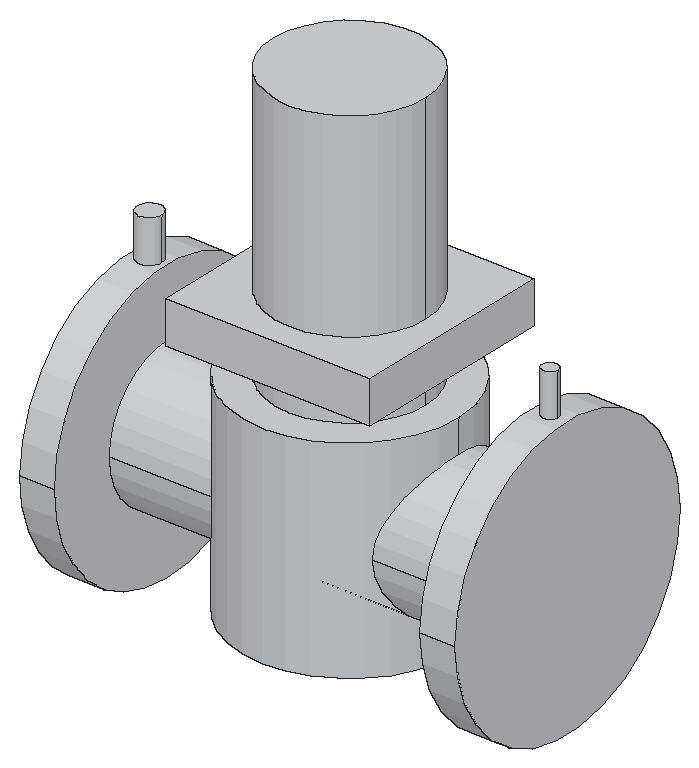
Revit family "PV_Compact_PN16_DN080_(20-100kPa)_RFA_2018", category Pipe Accessories, Revit 2018
Family settings
  Round Connector Dimension = Use Diameter
  Part Type = Valve - Breaks Into
  Work Plane-Based = No
  Always vertical = Yes
  Cut with Voids When Loaded = No
  Shared = No
Parameters (values of type "PV Compact PN16 DN080 (20-100kPa)")
  magiProductId = "fe1ae4728650433e927a6ac465ecb1"
  magiProductFamilyId = "23d1f353e6b1477a88f64fef0dfa1d"
  magiPartTypeId = 304
  isMeasuringValve [instance] = no
  ang2D [instance] = 0.00°
  W2D = 50 mm
  VersionID = "2.0/2018.12.13.2/FRESE_PV_COMPACT_BIG_Q13_001"
  Use Minimum Symbol Size [instance] = no
  URL = "www.hydronic.cz"
  Type Comments = "PŘÍRUBOVÝ; PN16; dpmax=1000kPa; -10~+120°C"
  R4 = 54.25 mm
  R3 = 52 mm
  R1 = 77.5 mm
  QmdConnectorList = "301;D;302;D"
  Productdata [instance] = ""
  Manufacturer = "Hydronic Systems Prague s.r.o."
  Maintenance Zone Under Depth [instance] = 100 mm
  Maintenance Zone Right Depth [instance] = 100 mm
  Maintenance Zone Over Depth [instance] = 100 mm
  Maintenance Zone Left Depth [instance] = 100 mm
  Maintenance Zone Front Depth [instance] = 100 mm
  Maintenance Zone Back Depth [instance] = 100 mm
  Maintenance Zone Front Visibility [instance] = no
  MC Use Limits From Balancing Method = no
  MC Throttling Minimum Value = 0
  MC Throttling Maximum Value = 0
  MC Product Code = "53-3306 DN80 PN16; nastavitelný rozsah dp=20~100kPa; Q=7,5~30 m3/h;  kvs=67"
  MC Pressure Drop Minimum Value = 0.0 Pa
  MC Pressure Drop Maximum Value = 0.0 Pa
  MC Piping Given Pressure Drop [instance] = 0.0 Pa
  LF__ve = -LF  # -24.8 mm
  LF2 = 12.4 mm
  LF = 24.8 mm
  L4 = 145.7 mm
  L3 = 260.4 mm
  L2D_Min = 30.48 mm
  L2D = 230 mm
  L2 = 155 mm
  H6 = 141 mm
  H4 = 30 mm
  H3 = 25 mm
  H2 = 75 mm
  H1 = 150 mm
  Description = "Nastavitelný regulátor tlakové diference"
  DF2 = 100 mm
  D = 80 mm
  Clearance Zone Height Depth [instance] = 100 mm
  Clearance Zone Circular Radius [instance] = 155 mm
  Clearance Zone Visibility [instance] = no
  CAT0 = yes
Types (7, lengths in mm): name | magiProductId | Type Comments | R4 | R3 | R1 | MC Product Code | LF__ve | LF2 | LF | L4 | L3 | L2 | H6 | H4 | H3 | H2 | H1 | DF2 | D | Clearance Zone Circular Radius
  PV Compact PN16 DN050 (20-100kPa) | "00877ad72a9f485bb97ca64af9b4c2" | "PŘÍRUBOVÝ; PN16; dpmax=1000kPa; -10~+120°C" | 40.25 | 42.9 | 57.5 | "53-3300 DN50 PN16; nastavitelný rozsah dp=20~100kPa; Q=3,2~13 m3/h;  kvs=29" | -18.4 | 9.2 | 18.4 | 108.1 | 193.2 | 115 | 82.25 | 24.75 | 20.625 | 61.875 | 123.75 | 82.5 | 50 | 115
  PV Compact PN16 DN065 (20-100kPa) | "4caf92840fdb43d88ad3b460526bbd" | "PŘÍRUBOVÝ; PN16; dpmax=1000kPa; -10~+120°C" | 50.75 | 48.1 | 72.5 | "53-3303 DN65 PN16; nastavitelný rozsah dp=20~100kPa; Q=4,7~18,8 m3/h;  kvs=42" | -23.2 | 11.6 | 23.2 | 136.3 | 243.6 | 145 | 105.25 | 27.75 | 23.125 | 69.375 | 138.75 | 92.5 | 65 | 145
  PV Compact PN16 DN080 (20-100kPa) | "fe1ae4728650433e927a6ac465ecb1" | "PŘÍRUBOVÝ; PN16; dpmax=1000kPa; -10~+120°C" | 54.25 | 52 | 77.5 | "53-3306 DN80 PN16; nastavitelný rozsah dp=20~100kPa; Q=7,5~30 m3/h;  kvs=67" | -24.8 | 12.4 | 24.8 | 145.7 | 260.4 | 155 | 141 | 30 | 25 | 75 | 150 | 100 | 80 | 155
  PV Compact PN16 DN100 (20-100kPa) | "9ee8abb4b353443d9e820e5bd3bf33" | "PŘÍRUBOVÝ; PN16; dpmax=1000kPa; -10~+120°C" | 61.25 | 61.1 | 87.5 | "53-3309 DN100 PN16; nastavitelný rozsah dp=20~100kPa; Q=12,9~51,4 m3/h;  kvs=115" | -28 | 14 | 28 | 164.5 | 294 | 175 | 234.75 | 35.25 | 29.375 | 88.125 | 176.25 | 117.5 | 100 | 175
  PV Compact PN16 DN125 (20-100kPa) | "e22e3bcdfcda477085ce507150ab41" | "PŘÍRUBOVÝ; PN16; dpmax=1000kPa; -10~+120°C" | 70 | 70.2 | 100 | "53-3312 DN125 PN16; nastavitelný rozsah dp=20~100kPa; Q=19,0~76,0 m3/h;  kvs=170" | -32 | 16 | 32 | 188 | 336 | 200 | 225.5 | 40.5 | 33.75 | 101.25 | 202.5 | 135 | 125 | 200
  PV Compact PN16 DN150 (20-100kPa) | "c042f62d475c462ea84624600fc620" | "PŘÍRUBOVÝ; PN16; dpmax=1000kPa; -10~+120°C" | 84 | 74.1 | 120 | "53-3315 DN150 PN16; nastavitelný rozsah dp=20~100kPa; Q=28,0~112 m3/h;  kvs=250" | -38.4 | 19.2 | 38.4 | 225.6 | 403.2 | 240 | 256.25 | 42.75 | 35.625 | 106.875 | 213.75 | 142.5 | 150 | 240
  PV Compact PN16 DN200 (20-100kPa) | "073b87d1a570497386745af6d59d88" | "PŘÍRUBOVÝ; PN16; dpmax=1000kPa; -10~+110°C" | 105 | 98.8 | 150 | "53-3318 DN200 PN16; nastavitelný rozsah dp=20~100kPa; Q=30,7~123 m3/h;  kvs=275" | -48 | 24 | 48 | 282 | 504 | 300 | 150 | 57 | 47.5 | 142.5 | 285 | 190 | 200 | 300
Reference planes
  plane 1 "Center (Front/Back)": y = 0
  plane 2 "XYPLANE": z = 0
  plane 3 "Center (Left/Right)": x = 0
  plane 4 "257": y = -100
  plane 5 "256": y = 100
  plane 6 "255": z = -100
  plane 7 "254": y = -200
  plane 8 "253": y = 200
  plane 9 "252": x = -255
  plane 10 "251": x = 255
  plane 11 "250": z = 371
  plane 12 "249": z = -200
  plane 13 "248": z = 371
  plane 14 "247": z = 271
  plane 15 "157": x = 142.6
  plane 16 "156": x = -142.6
  plane 17 "155": z = 100
  plane 18 "154": z = 130
  plane 19 "153": z = 100
  plane 20 "152": z = 75
  plane 21 "151": x = -130.2
  plane 22 "150": z = -75
  plane 23 "149": x = 0
  plane 24 "148": y = 0
  plane 25 "147": z = 0
  plane 26 "146": x = -155
  plane 27 "145": x = 155
Forms (mm)
  Blend 1, solid, visible <- "Maintenance Zone Front Visibility"
    base sketch origin (-750, 0, -200) x (1, 0, 0) y (0, 1, 0)
      loop
        line (495, 200) -> (495, -200) -> (1005, -200) -> (1005, 200) -> (495, 200)
    top sketch origin (-750, 0, -200) x (1, 0, 0) y (0, 1, 0)
      loop
        line (495, 200) -> (495, -200) -> (1005, -200) -> (1005, 200) -> (495, 200)
    from 0 to 571
  Blend 2, solid, visible <- "Clearance Zone Visibility"
    base sketch origin (-750, 0, 0) x (1, 0, 0) y (0, 1, 0)
      loop
        circle (750, 0) r 155
    top sketch origin (-750, 0, 0) x (1, 0, 0) y (0, 1, 0)
      loop
        circle (750, 0) r 155
    from 0 to 371
  Extrusion 3, solid, visible <- "CAT0"
    sketch origin (-750, 0, 100) x (1, 0, 0) y (0, 1, 0)
      loop
        circle (892.6, 0) r 5.5
    from 0 to 30
  Extrusion 4, solid, visible <- "CAT0"
    sketch origin (-750, 0, 100) x (1, 0, 0) y (0, 1, 0)
      loop
        circle (607.4, 0) r 8.7
    from 0 to 30
  Extrusion 5, solid
    sketch origin (-750, 0, 130) x (1, 0, 0) y (0, 1, 0)
      loop
        circle (750, 0) r 54.25
    from 0 to 141 <- "H6"
  Extrusion 6, solid, visible <- "CAT0"
    sketch origin (-750, 0, 100) x (1, 0, 0) y (0, 1, 0)
      loop
        line (822.85, 72.85) -> (677.15, 72.85) -> (677.15, -72.85) -> (822.85, -72.85) -> (822.85, 72.85)
    from 0 to 30 <- "H4"
  Extrusion 7, solid, visible <- "CAT0"
    sketch origin (-750, 0, 75) x (1, 0, 0) y (0, 1, 0)
      loop
        circle (750, 0) r 54.25
    from 0 to 25 <- "H3"
  Extrusion 8, solid, visible <- "CAT0"
    sketch origin (-130.2, -750, 0) x (0, 1, 0) y (0, 0, 1)
      loop
        circle (750, 0) r 52
    from 0 to 260.4 <- "L3"
  Extrusion 9, solid, visible <- "CAT0"
    sketch origin (-750, 0, -75) x (1, 0, 0) y (0, 1, 0)
      loop
        circle (750, 0) r 77.5
    from 0 to 150 <- "H1"
  Extrusion 10, solid, visible <- "CAT0"
    sketch origin (-155, -750, 0) x (0, 1, 0) y (0, 0, 1)
      loop
        circle (750, 0) r 100
    from 0 to 24.8 <- "LF"
  Extrusion 11, solid, visible <- "CAT0"
    sketch origin (155, -750, 0) x (0, 1, 0) y (0, 0, 1)
      loop
        circle (750, 0) r 100
    from 0 to -24.8 <- "LF__ve"
  Extrusion 12, solid, not visible
    sketch origin (-155, -750, 0) x (0, 1, 0) y (0, 0, 1)
      loop
        circle (750, 0) r 10
    from 0 to 10
  Extrusion 13, solid, not visible
    sketch origin (155, -750, 0) x (0, 1, 0) y (0, 0, 1)
      loop
        circle (750, 0) r 10
    from 0 to -10
Lines and regions (mm)
  reference lines, not visible
    curve 1: circle (2, 2, 0) r 1 normal (0, 0, 1)
  reference lines
    curve 2: circle (0, 0, 100) r 1 normal (0, 0, 1)
Dimensions and locks
  plane 1 "Center (Front/Back)" to curve 1 = 2 mm
  "DF2": plane 24 "148" to plane 4 "257"
  "DF2": plane 24 "148" to plane 5 "256"
  "DF2": plane 25 "147" to plane 6 "255"
  "Maintenance Zone Front Depth": plane 4 "257" to plane 7 "254"
  "Maintenance Zone Back Depth": plane 5 "256" to plane 8 "253"
  "Maintenance Zone Left Depth": plane 26 "146" to plane 9 "252"
  "Maintenance Zone Right Depth": plane 27 "145" to plane 10 "251"
  "Maintenance Zone Over Depth": plane 14 "247" to plane 11 "250"
  "Maintenance Zone Under Depth": plane 6 "255" to plane 12 "249"
  "Clearance Zone Height Depth": plane 14 "247" to plane 13 "248"
  "H6": plane 18 "154" to plane 14 "247"
  "LF2": plane 27 "145" to plane 15 "157"
  "LF2": plane 26 "146" to plane 16 "156"
  "DF2": plane 2 "XYPLANE" to plane 17 "155"
  "H4": plane 19 "153" to plane 18 "154"
  "H3": plane 20 "152" to plane 19 "153"
  "H1": plane 22 "150" to plane 20 "152"
  "LF": plane 26 "146" to plane 21 "151"
  "H2": plane 2 "XYPLANE" to plane 22 "150"
  locked: plane 3 "Center (Left/Right)" to plane 23 "149"
  locked: plane 1 "Center (Front/Back)" to plane 24 "148"
  locked: plane 2 "XYPLANE" to plane 25 "147"
  "L2": plane 3 "Center (Left/Right)" to plane 26 "146"
  "L2": plane 3 "Center (Left/Right)" to plane 27 "145"
  Blend 1 sketch curve to Blend 1 sketch curve = 0 mm  (x16)
  equal spacing: Extrusion 6 sketch curve, curve 2, Extrusion 6 sketch curve  (x2)
  "L4": Extrusion 6 sketch curve to Extrusion 6 sketch curve  (x2)
  Extrusion 6 sketch curve to Extrusion 6 sketch curve = 0 mm  (x8)
  "Clearance Zone Circular Radius": radius of Blend 2 sketch curve  (x2)
  "R4": radius of Extrusion 5 sketch curve
  "R4": radius of Extrusion 7 sketch curve
  "R3": radius of Extrusion 8 sketch curve
  "R1": radius of Extrusion 9 sketch curve
  "DF2": radius of Extrusion 10 sketch curve
  "DF2": radius of Extrusion 11 sketch curve
  aligned and locked: level to plane 2 "XYPLANE"
  aligned and locked: Blend 1 sketch curve to plane 8 "253"  (x2)
  aligned and locked: plane 9 "252" to Blend 1 sketch curve  (x4)
  aligned and locked: plane 10 "251" to Blend 1 sketch curve  (x4)
  aligned and locked: plane 8 "253" to Blend 1 sketch curve  (x2)
  aligned and locked: plane 7 "254" to Blend 1 sketch curve  (x4)
  aligned and locked: plane 11 "250" to Blend 1
  aligned and locked: plane 23 "149" to Blend 2 sketch curve  (x2)
  aligned and locked: plane 24 "148" to Blend 2 sketch curve  (x2)
  aligned and locked: plane 13 "248" to Blend 2
  aligned and locked: plane 15 "157" to Extrusion 3 sketch curve
  aligned and locked: plane 24 "148" to Extrusion 3 sketch curve
  aligned and locked: plane 16 "156" to Extrusion 4 sketch curve
  aligned and locked: plane 24 "148" to Extrusion 4 sketch curve
  aligned and locked: plane 23 "149" to Extrusion 5 sketch curve
  aligned and locked: plane 24 "148" to Extrusion 5 sketch curve
  aligned and locked: plane 23 "149" to curve 2
  aligned and locked: plane 24 "148" to curve 2
  aligned and locked: plane 23 "149" to Extrusion 7 sketch curve
  aligned and locked: plane 24 "148" to Extrusion 7 sketch curve
  aligned and locked: Extrusion 8 sketch curve to plane 24 "148"
  aligned and locked: plane 25 "147" to Extrusion 8 sketch curve
  aligned and locked: plane 23 "149" to Extrusion 9 sketch curve
  aligned and locked: plane 24 "148" to Extrusion 9 sketch curve
  aligned and locked: Extrusion 10 sketch curve to plane 24 "148"
  aligned and locked: plane 25 "147" to Extrusion 10 sketch curve
  aligned and locked: Extrusion 11 sketch curve to plane 24 "148"
  aligned and locked: plane 25 "147" to Extrusion 11 sketch curve
  aligned and locked: Extrusion 12 sketch curve to plane 24 "148"
  aligned and locked: plane 25 "147" to Extrusion 12 sketch curve
  aligned and locked: Extrusion 13 sketch curve to plane 24 "148"
  aligned and locked: plane 25 "147" to Extrusion 13 sketch curve
Automatic sketch dimensions
  Extrusion 3 sketch curve to plane 15 "157" = 5.5 mm
  plane 26 "146" to Extrusion 4 sketch curve = 3.7 mm
  plane 1 "Center (Front/Back)" to Extrusion 12 sketch curve = 10 mm
  plane 1 "Center (Front/Back)" to Extrusion 13 sketch curve = 10 mm
  plane 3 "Center (Left/Right)" to curve 1 = 2 mm
  Extrusion 6 sketch curve to plane 5 "256" = 27.15 mm
  plane 21 "151" to Extrusion 6 sketch curve = 57.35 mm
  radius of curve 2 = 1 mm
  radius of curve 1 = 1 mm
Connectors
  piping at (-155, 0, 0), diameter 80, driven by "D"
    settings: on Extrusion 12, index 1, connector inside diameter 609.6 mm, connector length 0 mm, flow factor 0, pipe flow 0.0 L/s, pressure drop 0.0 Pa, fitting loss kfactor 0, connector angle 0.00°, fixture units 0, engagement length 0 mm, angle of deflection 0.00°, flow configuration 0, flow direction 0, fitting loss method 0, system type 29, joint type 0, gender type 0, connector reference index 2, connector utility 0, adjustable connector no, is connector primary yes, connector description ""
  piping at (155, 0, 0), diameter 80, driven by "D"
    settings: on Extrusion 13, index 2, connector inside diameter 609.6 mm, connector length 0 mm, flow factor 0, pipe flow 0.0 L/s, pressure drop 0.0 Pa, fitting loss kfactor 0, connector angle 0.00°, fixture units 0, engagement length 0 mm, angle of deflection 0.00°, flow configuration 0, flow direction 0, fitting loss method 0, system type 29, joint type 0, gender type 0, connector reference index 1, connector utility 0, adjustable connector no, is connector primary no, connector description ""
